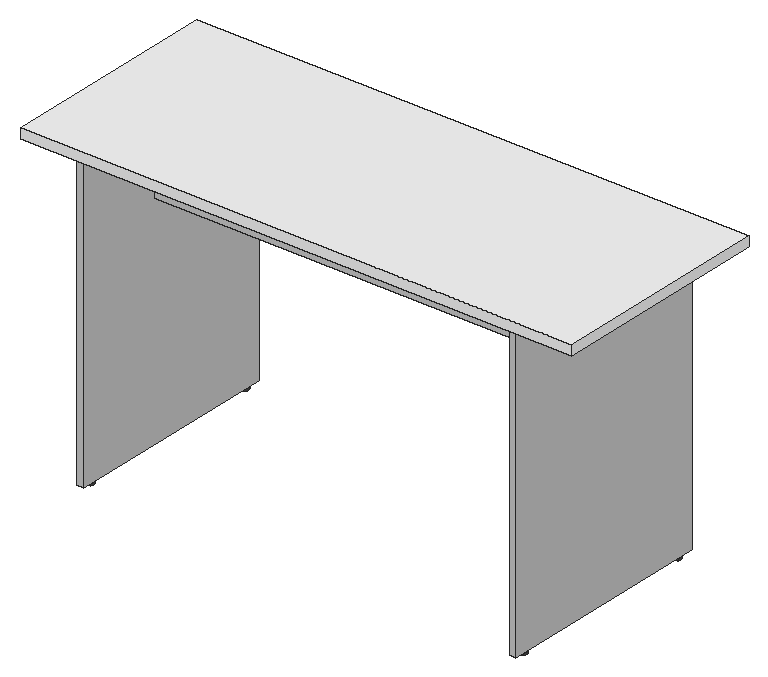
Revit family "Deck Inset Panel 800 Deep 1100 High", category Furniture, Revit 2016
Family settings
  OmniClass Number = 23.40.20.00
  OmniClass Title = General Furniture and Specialties
  Work Plane-Based = No
  Always vertical = Yes
  Cut with Voids When Loaded = No
  Shared = No
  Room Calculation Point = No
Parameters (values of type "2000 x 800")
  Width = 2000 mm
  URL = "www.gof.co.uk"
  Type Comments = ""
  Side Panels = Gresham - Grey MFC
  Range = "DECK"
  Product Code = "DCPTEM208"
  Table Top = Gresham - White MFC
  Modesty Panel = Gresham - Grey MFC
  Model = ""
  Manufacturer = "Gresham Office Furniture"  # constant formula
  Foot = Gresham - Black Plastic
  Assembly Code = "E2020200"
Types (4, lengths in mm): name | Width | Product Code
  (no name) | 2000 | "DCPTEM208"
  1600 x 800 | 1600 | "DCPTEM168"
  1800 x 800 | 1800 | "DCPTEM188"
  2000 x 800 | 2000 | "DCPTEM208"
Reference planes
  plane 1 "Center (Front/Back)": y = 0
  plane 2: z = 0
  plane 3 "Center (Left/Right)": x = 0
  plane 4: x = -1000
  plane 5: x = 1000
  plane 6 "Table Underside": z = 1064
  plane 7: y = 400
  plane 8: y = -400
  plane 9 "Foot": z = 10
  plane 10 "Modesty Panel": z = 814
  plane 11: y = 62.5
  plane 12: y = -62.5
Forms (mm)
  Extrusion 1, solid, material "Gresham - Black Plastic"
    sketch origin (474.491, 484.546, 0) x (0.707107, -0.707107, 0) y (0.707107, 0.707107, 0)
      loop
        circle (809.323, -370.903) r 12
      loop
        circle (314.348, 124.071) r 12
    from 0 to 5
  Extrusion 2, solid, material "Gresham - White MFC" <- "Table Top"
    sketch origin (0, 0, 1064) x (-1, 0, 0) y (0, -1, 0)
      loop
        line (-1000, -400) -> (1000, -400) -> (1000, 400) -> (-1000, 400) -> (-1000, -400)
    from 0 to 36
  Extrusion 3, solid, material "Gresham - Grey MFC" <- "Side Panels"
    sketch origin (797, -1.506, 0) x (0, -1, 0) y (0, 0, 1)
      loop
        line (-399.506, 1064) -> (-399.506, 10) -> (396.494, 10) -> (396.494, 1064) -> (-399.506, 1064)
    from 0 to 25
  Extrusion 4, solid, material "Gresham - Silver Metal"
    sketch origin (0, 0, 10) x (-1, 0, 0) y (0, -1, 0)
      loop
        circle (-784.5, 350) r 5
      loop
        circle (-784.5, -350) r 5
    from -5 to 0
  Extrusion 5, solid, material "Gresham - Grey MFC" <- "Side Panels"
    sketch origin (-797, -1.506, 0) x (0, -1, 0) y (0, 0, -1)
      loop
        line (-399.506, -1064) -> (396.494, -1064) -> (396.494, -10) -> (-399.506, -10) -> (-399.506, -1064)
    from 0 to 25
  Extrusion 6, solid, material "Gresham - Grey MFC" <- "Modesty Panel"
    sketch origin (0, 0, 814) x (0, -1, 0) y (1, 0, 0)
      loop
        line (62.5, 772) -> (62.5, -772) -> (80.5, -772) -> (80.5, 772) -> (62.5, 772)
      loop
        line (-62.5, -772) -> (-62.5, 772) -> (-80.5, 772) -> (-80.5, -772) -> (-62.5, -772)
    from 0 to 250
  Extrusion 7, solid, material "Gresham - Black Plastic"
    sketch origin (-474.491, 484.546, 0) x (-0.707107, -0.707107, 0) y (0.707107, -0.707107, 0)
      loop
        circle (809.323, 370.903) r 12
      loop
        circle (314.348, -124.071) r 12
    from 0 to 5
  Extrusion 8, solid, material "Gresham - Silver Metal"
    sketch origin (0, 0, 10) x (1, 0, 0) y (0, 1, 0)
      loop
        circle (-784.5, -350) r 5
      loop
        circle (-784.5, 350) r 5
    from -5 to 0
Lines and regions (mm)
  model lines
    curve 1: line (784.5, 362, 1064) -> (784.5, -362, 1064)
    curve 2: line (-784.5, 362, 1064) -> (-784.5, -362, 1064)
Dimensions and locks
  locked: plane 6 "Table Underside" to plane 2 at 1064
  equal spacing: plane 4, plane 3 "Center (Left/Right)", plane 5
  "Width": plane 4 to plane 5
  equal spacing: plane 7, plane 1 "Center (Front/Back)", plane 8
  locked: plane 7 to plane 8 at 800
  locked: Extrusion 2 to level at 1100
  locked: plane 10 "Modesty Panel" to plane 6 "Table Underside" at 250
  locked: Extrusion 3 to Extrusion 3 at 25
  locked: plane 7 to Extrusion 3 at 2
  locked: Extrusion 3 to plane 8 at 2
  locked: plane 9 "Foot" to plane 2 at 10
  locked: Extrusion 1 sketch curve to plane 8 at 50
  locked: plane 7 to Extrusion 1 sketch curve at 50
  locked: Extrusion 4 sketch curve to plane 8 at 50
  locked: plane 7 to Extrusion 4 sketch curve at 50
  locked: Extrusion 3 to plane 5 at 203
  locked: Extrusion 5 to Extrusion 5 at 25
  locked: plane 4 to Extrusion 5 at 203
  equal spacing: plane 12, plane 1 "Center (Front/Back)", plane 11
  locked: plane 11 to plane 12 at 125
  locked: Extrusion 2 to Extrusion 2 at 36
  locked: Extrusion 7 sketch curve to plane 8 at 50
  locked: plane 7 to Extrusion 7 sketch curve at 50
  locked: plane 7 to Extrusion 5 at 2
  locked: Extrusion 5 to plane 8 at 2
  radius of Extrusion 1 sketch curve = 12 mm  (x2)
  radius of Extrusion 4 sketch curve = 5 mm  (x2)
  radius of Extrusion 7 sketch curve = 12 mm  (x2)
  radius of Extrusion 8 sketch curve = 5 mm  (x2)
  aligned and locked: level to plane 2
  aligned and locked: Extrusion 2 to plane 8
  aligned and locked: plane 7 to Extrusion 2
  aligned and locked: Extrusion 2 sketch curve to plane 4
  aligned and locked: Extrusion 2 sketch curve to plane 8
  aligned and locked: Extrusion 2 sketch curve to plane 5
  aligned and locked: plane 7 to Extrusion 2 sketch curve
  aligned and locked: Extrusion 3 to plane 9 "Foot"
  aligned and locked: plane 9 "Foot" to Extrusion 4
  aligned and locked: Extrusion 6 to Extrusion 3  (x2)
  aligned and locked: Extrusion 6 to Extrusion 5  (x2)
  aligned and locked: plane 6 "Table Underside" to Extrusion 6
  aligned and locked: Extrusion 2 to plane 6 "Table Underside"
Automatic sketch dimensions
  plane 5 to Extrusion 1 sketch curve = 215.5 mm
  Extrusion 1 sketch curve to Extrusion 1 sketch curve = 494.975 mm
  Extrusion 3 sketch curve to plane 9 "Foot" = 0 mm
  Extrusion 3 sketch curve to plane 6 "Table Underside" = 0 mm
  Extrusion 3 sketch curve to plane 7 = 2 mm
  plane 8 to Extrusion 3 sketch curve = 2 mm
  plane 8 to curve 1 = 38 mm
  plane 5 to curve 1 = 215.5 mm
  plane 8 to curve 2 = 38 mm
  plane 4 to curve 2 = 215.5 mm
  curve 1 to plane 7 = 38 mm
  curve 2 to plane 7 = 38 mm
  plane 5 to Extrusion 4 sketch curve = 215.5 mm  (x2)
  Extrusion 5 sketch curve to plane 9 "Foot" = 0 mm
  Extrusion 5 sketch curve to plane 6 "Table Underside" = 0 mm
  Extrusion 5 sketch curve to plane 7 = 2 mm
  plane 8 to Extrusion 5 sketch curve = 2 mm
  Extrusion 6 sketch curve to plane 11 = 0 mm
  plane 12 to Extrusion 6 sketch curve = 0 mm
  Extrusion 6 sketch curve to Extrusion 6 sketch curve = 18 mm  (x2)
  plane 4 to Extrusion 6 sketch curve = 228 mm
  Extrusion 6 sketch curve to Extrusion 6 sketch curve = 0 mm  (x2)
  plane 5 to Extrusion 6 sketch curve = 228 mm
  Extrusion 7 sketch curve to plane 4 = 215.5 mm
  Extrusion 7 sketch curve to Extrusion 7 sketch curve = 494.975 mm
  plane 7 to Extrusion 8 sketch curve = 50 mm
  Extrusion 8 sketch curve to plane 4 = 215.5 mm  (x2)
  Extrusion 8 sketch curve to plane 8 = 50 mm
